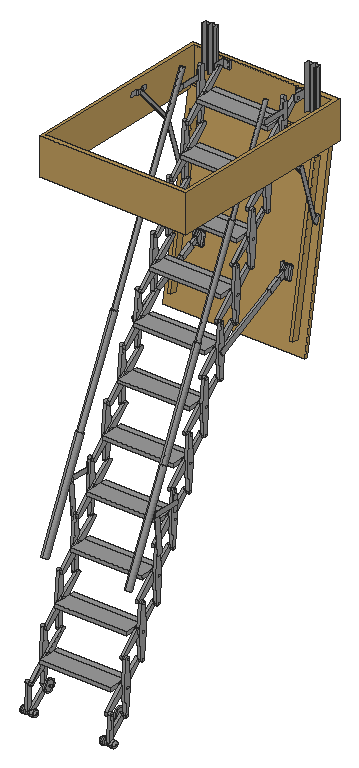
Revit family "schaartrap_XL 1000x1300mm ", category Generic Models, Revit 2019 (continued)
Automatic sketch dimensions
  Extrusion 67 sketch curve to Extrusion 67 sketch curve = 30.489 mm
  Extrusion 67 sketch curve to Extrusion 67 sketch curve = 2.615 mm
  Extrusion 67 sketch curve to Extrusion 67 sketch curve = 4.005 mm
  Extrusion 67 sketch curve to Extrusion 67 sketch curve = 25.984 mm
  Extrusion 20 sketch curve to Extrusion 20 sketch curve = 0 mm  (x4)
  Extrusion 20 sketch curve to Extrusion 20 sketch curve = 23.387 mm
  Extrusion 20 sketch curve to Extrusion 20 sketch curve = 2.299 mm  (x2)
  Extrusion 20 sketch curve to Extrusion 20 sketch curve = 12.526 mm  (x2)
  Extrusion 20 sketch curve to Extrusion 20 sketch curve = 453.769 mm
  Extrusion 20 sketch curve to Extrusion 20 sketch curve = 52.271 mm
  Extrusion 20 sketch curve to Extrusion 20 sketch curve = 15.592 mm  (x2)
  Extrusion 20 sketch curve to Extrusion 20 sketch curve = 5.25 mm  (x2)
  Extrusion 20 sketch curve to Extrusion 20 sketch curve = 25.648 mm
  Extrusion 20 sketch curve to Extrusion 20 sketch curve = 1.736 mm
  Extrusion 65 sketch curve to Extrusion 65 sketch curve = 10.419 mm
  Extrusion 65 sketch curve to Extrusion 65 sketch curve = 4.468 mm
  Extrusion 79 sketch curve to Extrusion 79 sketch curve = 4 mm  (x2)
  Extrusion 79 sketch curve to Extrusion 79 sketch curve = 45 mm
  Extrusion 79 sketch curve to Extrusion 79 sketch curve = 69.409 mm
  Extrusion 80 sketch curve to Extrusion 80 sketch curve = 0 mm  (x5)
  Extrusion 80 sketch curve to Extrusion 80 sketch curve = 28.75 mm
  Extrusion 80 sketch curve to Extrusion 80 sketch curve = 5 mm  (x2)
  Extrusion 82 sketch curve to Extrusion 82 sketch curve = 4 mm  (x2)
  Extrusion 82 sketch curve to Extrusion 82 sketch curve = 45 mm
  Extrusion 82 sketch curve to Extrusion 82 sketch curve = 69.409 mm
  Extrusion 83 sketch curve to Extrusion 83 sketch curve = 0 mm  (x5)
  Extrusion 83 sketch curve to Extrusion 83 sketch curve = 28.75 mm
  Extrusion 83 sketch curve to Extrusion 83 sketch curve = 5 mm  (x2)
  Sweep 85 sketch curve to plane 27 = 0 mm
  Sweep 85 sketch curve to Sweep 85 sketch curve = 257.672 mm
  Sweep 85 sketch curve to Sweep 85 sketch curve = 643.315 mm
  Sweep 85 sketch curve to profile plane = 0 mm  (x2)
  Sweep 86 sketch curve to plane 27 = 0.034 mm
  Sweep 86 sketch curve to Sweep 86 sketch curve = 251.036 mm
  Sweep 86 sketch curve to Sweep 86 sketch curve = 626.747 mm
  Sweep 86 sketch curve to profile plane = 0 mm  (x2)
  Sweep 87 sketch curve to plane 27 = 0.066 mm
  Sweep 87 sketch curve to Sweep 87 sketch curve = 251.872 mm
  Sweep 87 sketch curve to Sweep 87 sketch curve = 628.835 mm
  Sweep 87 sketch curve to profile plane = 0 mm  (x2)
  Sweep 88 sketch curve to plane 27 = 0.099 mm
  Sweep 88 sketch curve to Sweep 88 sketch curve = 247.575 mm
  Sweep 88 sketch curve to Sweep 88 sketch curve = 618.104 mm
  Sweep 88 sketch curve to profile plane = 0 mm  (x2)
  plane 27 to Extrusion 89 sketch curve = 34.579 mm
  Extrusion 89 sketch curve to Extrusion 89 sketch curve = 19.372 mm  (x2)
  Extrusion 89 sketch curve to Extrusion 89 sketch curve = 9.746 mm  (x2)
  Extrusion 89 sketch curve to Extrusion 89 sketch curve = 43.196 mm
  Extrusion 89 sketch curve to Extrusion 89 sketch curve = 15.803 mm  (x2)
  Extrusion 89 sketch curve to Extrusion 89 sketch curve = 213.535 mm
  plane 27 to Extrusion 90 sketch curve = 33.801 mm
  Extrusion 90 sketch curve to Extrusion 90 sketch curve = 3.617 mm  (x2)
  Extrusion 90 sketch curve to Extrusion 90 sketch curve = 23.983 mm  (x2)
  Extrusion 90 sketch curve to Extrusion 90 sketch curve = 123.59 mm
  Extrusion 90 sketch curve to Extrusion 90 sketch curve = 8.506 mm
  Extrusion 90 sketch curve to Extrusion 90 sketch curve = 11.758 mm  (x2)
  plane 27 to Extrusion 91 sketch curve = 157.647 mm
  Extrusion 91 sketch curve to Extrusion 91 sketch curve = 11.69 mm
  Extrusion 91 sketch curve to Extrusion 91 sketch curve = 18.023 mm
  Extrusion 91 sketch curve to Extrusion 91 sketch curve = 11.758 mm  (x2)
  Extrusion 91 sketch curve to Extrusion 91 sketch curve = 29.781 mm
  Extrusion 91 sketch curve to Extrusion 91 sketch curve = 23.983 mm  (x2)
  Extrusion 91 sketch curve to Extrusion 91 sketch curve = 44.672 mm
  plane 27 to Extrusion 92 sketch curve = 13.505 mm
  Extrusion 92 sketch curve to Extrusion 92 sketch curve = 11.155 mm
  Extrusion 92 sketch curve to Extrusion 92 sketch curve = 22.709 mm
  Extrusion 92 sketch curve to Extrusion 92 sketch curve = 13.423 mm
  Extrusion 92 sketch curve to Extrusion 92 sketch curve = 24.003 mm
  Extrusion 92 sketch curve to Extrusion 92 sketch curve = 14.472 mm
  plane 27 to Extrusion 94 sketch curve = 7.293 mm
  Extrusion 94 sketch curve to Extrusion 94 sketch curve = 11.155 mm
  Extrusion 94 sketch curve to Extrusion 94 sketch curve = 28.378 mm
  Extrusion 94 sketch curve to Extrusion 94 sketch curve = 13.423 mm
  Extrusion 94 sketch curve to Extrusion 94 sketch curve = 24.003 mm
  Extrusion 94 sketch curve to Extrusion 94 sketch curve = 16.743 mm
  plane 27 to Extrusion 105 sketch curve = 33.696 mm
  Extrusion 105 sketch curve to Extrusion 105 sketch curve = 3.617 mm  (x2)
  Extrusion 105 sketch curve to Extrusion 105 sketch curve = 11.758 mm
  Sweep 8 sketch curve to plane 21 = 0 mm
  Sweep 8 sketch curve to Sweep 8 sketch curve = 257.672 mm
  Sweep 8 sketch curve to Sweep 8 sketch curve = 643.315 mm
  Sweep 8 sketch curve to profile plane = 0 mm  (x2)
  Sweep 9 sketch curve to plane 21 = 0.034 mm
  Sweep 9 sketch curve to Sweep 9 sketch curve = 251.036 mm
  Sweep 9 sketch curve to Sweep 9 sketch curve = 626.747 mm
  Sweep 9 sketch curve to profile plane = 0 mm  (x2)
  Sweep 10 sketch curve to plane 21 = 0.066 mm
  Sweep 10 sketch curve to Sweep 10 sketch curve = 251.872 mm
  Sweep 10 sketch curve to Sweep 10 sketch curve = 628.835 mm
  Sweep 10 sketch curve to profile plane = 0 mm  (x2)
  Sweep 11 sketch curve to plane 21 = 0.099 mm
  Sweep 11 sketch curve to Sweep 11 sketch curve = 247.575 mm
  Sweep 11 sketch curve to Sweep 11 sketch curve = 618.104 mm
  Sweep 11 sketch curve to profile plane = 0 mm  (x2)
  plane 21 to Extrusion 12 sketch curve = 34.579 mm
  Extrusion 12 sketch curve to Extrusion 12 sketch curve = 19.372 mm  (x2)
  Extrusion 12 sketch curve to Extrusion 12 sketch curve = 9.746 mm  (x2)
  Extrusion 12 sketch curve to Extrusion 12 sketch curve = 43.196 mm
  Extrusion 12 sketch curve to Extrusion 12 sketch curve = 15.803 mm  (x2)
  Extrusion 12 sketch curve to Extrusion 12 sketch curve = 213.535 mm
  plane 21 to Extrusion 13 sketch curve = 33.801 mm
  Extrusion 13 sketch curve to Extrusion 13 sketch curve = 3.617 mm  (x2)
  Extrusion 13 sketch curve to Extrusion 13 sketch curve = 23.983 mm  (x2)
  Extrusion 13 sketch curve to Extrusion 13 sketch curve = 123.59 mm
  Extrusion 13 sketch curve to Extrusion 13 sketch curve = 8.506 mm
  Extrusion 13 sketch curve to Extrusion 13 sketch curve = 11.758 mm  (x2)
  plane 21 to Extrusion 14 sketch curve = 157.647 mm
  Extrusion 14 sketch curve to Extrusion 14 sketch curve = 11.69 mm
  Extrusion 14 sketch curve to Extrusion 14 sketch curve = 18.023 mm
  Extrusion 14 sketch curve to Extrusion 14 sketch curve = 11.758 mm  (x2)
  Extrusion 14 sketch curve to Extrusion 14 sketch curve = 29.781 mm
  Extrusion 14 sketch curve to Extrusion 14 sketch curve = 23.983 mm  (x2)
  Extrusion 14 sketch curve to Extrusion 14 sketch curve = 44.672 mm
  plane 21 to Extrusion 15 sketch curve = 13.505 mm
  Extrusion 15 sketch curve to Extrusion 15 sketch curve = 11.155 mm
  Extrusion 15 sketch curve to Extrusion 15 sketch curve = 22.709 mm
  Extrusion 15 sketch curve to Extrusion 15 sketch curve = 13.423 mm
  Extrusion 15 sketch curve to Extrusion 15 sketch curve = 24.003 mm
  Extrusion 15 sketch curve to Extrusion 15 sketch curve = 14.472 mm
  plane 21 to Extrusion 42 sketch curve = 7.293 mm
  Extrusion 42 sketch curve to Extrusion 42 sketch curve = 11.155 mm
  Extrusion 42 sketch curve to Extrusion 42 sketch curve = 28.378 mm
  Extrusion 42 sketch curve to Extrusion 42 sketch curve = 13.423 mm
  Extrusion 42 sketch curve to Extrusion 42 sketch curve = 24.003 mm
  Extrusion 42 sketch curve to Extrusion 42 sketch curve = 16.743 mm
  Sweep 95 sketch curve to plane 28 = 0 mm
  Sweep 95 sketch curve to Sweep 95 sketch curve = 332.795 mm
  Sweep 95 sketch curve to Sweep 95 sketch curve = 607.862 mm
  Sweep 95 sketch curve to profile plane = 0 mm  (x2)
  Sweep 96 sketch curve to plane 28 = 0.034 mm
  Sweep 96 sketch curve to Sweep 96 sketch curve = 324.224 mm
  Sweep 96 sketch curve to Sweep 96 sketch curve = 592.207 mm
  Sweep 96 sketch curve to profile plane = 0 mm  (x2)
  Sweep 97 sketch curve to plane 28 = 0.066 mm
  Sweep 97 sketch curve to Sweep 97 sketch curve = 325.304 mm
  Sweep 97 sketch curve to Sweep 97 sketch curve = 594.18 mm
  Sweep 97 sketch curve to profile plane = 0 mm  (x2)
  Sweep 98 sketch curve to plane 28 = 0.099 mm
  Sweep 98 sketch curve to Sweep 98 sketch curve = 319.753 mm
  Sweep 98 sketch curve to Sweep 98 sketch curve = 584.041 mm
  Sweep 98 sketch curve to profile plane = 0 mm  (x2)
  plane 28 to Extrusion 99 sketch curve = 34.579 mm
  Extrusion 99 sketch curve to Extrusion 99 sketch curve = 14.335 mm  (x2)
  Extrusion 99 sketch curve to Extrusion 99 sketch curve = 15.649 mm  (x2)
  Extrusion 99 sketch curve to Extrusion 99 sketch curve = 22.877 mm
  Extrusion 99 sketch curve to Extrusion 99 sketch curve = 20.482 mm  (x2)
  Extrusion 99 sketch curve to Extrusion 99 sketch curve = 219.881 mm
  plane 28 to Extrusion 100 sketch curve = 33.801 mm
  Extrusion 100 sketch curve to Extrusion 100 sketch curve = 4.632 mm  (x2)
  Extrusion 100 sketch curve to Extrusion 100 sketch curve = 27.985 mm  (x2)
  Extrusion 100 sketch curve to Extrusion 100 sketch curve = 123.005 mm
  Extrusion 100 sketch curve to Extrusion 100 sketch curve = 56.888 mm
  Extrusion 100 sketch curve to Extrusion 100 sketch curve = 18.832 mm  (x2)
  plane 28 to Extrusion 101 sketch curve = 157.647 mm
  Extrusion 101 sketch curve to Extrusion 101 sketch curve = 14.972 mm
  Extrusion 101 sketch curve to Extrusion 101 sketch curve = 10.808 mm
  Extrusion 101 sketch curve to Extrusion 101 sketch curve = 18.832 mm  (x2)
  Extrusion 101 sketch curve to Extrusion 101 sketch curve = 29.64 mm
  Extrusion 101 sketch curve to Extrusion 101 sketch curve = 27.985 mm  (x2)
  Extrusion 101 sketch curve to Extrusion 101 sketch curve = 44.46 mm
  plane 28 to Extrusion 102 sketch curve = 13.505 mm
  Extrusion 102 sketch curve to Extrusion 102 sketch curve = 14.407 mm
  Extrusion 102 sketch curve to Extrusion 102 sketch curve = 23.338 mm
  Extrusion 102 sketch curve to Extrusion 102 sketch curve = 10.803 mm
  Extrusion 102 sketch curve to Extrusion 102 sketch curve = 24.667 mm
  Extrusion 102 sketch curve to Extrusion 102 sketch curve = 18.692 mm
  plane 28 to Extrusion 104 sketch curve = 7.293 mm
  Extrusion 104 sketch curve to Extrusion 104 sketch curve = 14.407 mm
  Extrusion 104 sketch curve to Extrusion 104 sketch curve = 28.694 mm
  Extrusion 104 sketch curve to Extrusion 104 sketch curve = 10.803 mm
  Extrusion 104 sketch curve to Extrusion 104 sketch curve = 24.667 mm
  Extrusion 104 sketch curve to Extrusion 104 sketch curve = 21.624 mm
  Extrusion 103 sketch curve to Extrusion 103 sketch curve = 0 mm  (x4)
  plane 28 to Extrusion 103 sketch curve = 184.887 mm
  Extrusion 103 sketch curve to Extrusion 103 sketch curve = 14.972 mm
  Extrusion 103 sketch curve to Extrusion 103 sketch curve = 16.516 mm  (x2)
  Extrusion 103 sketch curve to Extrusion 103 sketch curve = 2.316 mm  (x2)
  Extrusion 103 sketch curve to Extrusion 103 sketch curve = 10.808 mm
  Extrusion 103 sketch curve to Extrusion 103 sketch curve = 13.124 mm
  Extrusion 103 sketch curve to Extrusion 103 sketch curve = 8.533 mm  (x2)
  Extrusion 103 sketch curve to Extrusion 103 sketch curve = 14.82 mm  (x2)
  Extrusion 103 sketch curve to Extrusion 103 sketch curve = 44.46 mm
  Extrusion 103 sketch curve to Extrusion 103 sketch curve = 5.002 mm  (x2)
  Extrusion 103 sketch curve to Extrusion 103 sketch curve = 4.975 mm  (x2)
  Extrusion 103 sketch curve to Extrusion 103 sketch curve = 0.694 mm
  Extrusion 103 sketch curve to Extrusion 103 sketch curve = 0.865 mm
  Extrusion 107 sketch curve to Extrusion 107 sketch curve = 0 mm  (x3)
  Extrusion 107 sketch curve to Extrusion 107 sketch curve = 4.632 mm  (x2)
  Extrusion 107 sketch curve to Extrusion 107 sketch curve = 123.005 mm
  Extrusion 107 sketch curve to Extrusion 107 sketch curve = 18.508 mm
  Extrusion 107 sketch curve to Extrusion 107 sketch curve = 4.845 mm
  Extrusion 107 sketch curve to Extrusion 107 sketch curve = 2.392 mm
  Extrusion 107 sketch curve to Extrusion 107 sketch curve = 10.808 mm  (x2)
  Extrusion 107 sketch curve to Extrusion 107 sketch curve = 15.353 mm
  Extrusion 107 sketch curve to Extrusion 107 sketch curve = 5.002 mm  (x2)
  Extrusion 107 sketch curve to Extrusion 107 sketch curve = 0.694 mm
  Extrusion 104 sketch curve to Extrusion 104 sketch curve = 0 mm  (x2)
  Extrusion 104 sketch curve to Extrusion 104 sketch curve = 12.093 mm
  Extrusion 104 sketch curve to Extrusion 104 sketch curve = 7.339 mm
  Extrusion 104 sketch curve to Extrusion 104 sketch curve = 5.041 mm  (x2)
  Extrusion 104 sketch curve to Extrusion 104 sketch curve = 0.303 mm
  Extrusion 41 sketch curve to Extrusion 41 sketch curve = 0 mm  (x4)
  plane 21 to Extrusion 41 sketch curve = 184.887 mm
  Extrusion 41 sketch curve to Extrusion 41 sketch curve = 11.69 mm
  Extrusion 41 sketch curve to Extrusion 41 sketch curve = 13.567 mm  (x2)
  Extrusion 41 sketch curve to Extrusion 41 sketch curve = 1.809 mm
  Extrusion 41 sketch curve to Extrusion 41 sketch curve = 18.023 mm
  Extrusion 41 sketch curve to Extrusion 41 sketch curve = 1.808 mm
  Extrusion 41 sketch curve to Extrusion 41 sketch curve = 16.214 mm
  Extrusion 41 sketch curve to Extrusion 41 sketch curve = 12.709 mm  (x2)
  Extrusion 41 sketch curve to Extrusion 41 sketch curve = 14.891 mm  (x2)
  Extrusion 41 sketch curve to Extrusion 41 sketch curve = 44.672 mm
  Extrusion 41 sketch curve to Extrusion 41 sketch curve = 5.002 mm  (x2)
  Extrusion 41 sketch curve to Extrusion 41 sketch curve = 5.023 mm  (x2)
  Extrusion 41 sketch curve to Extrusion 41 sketch curve = 0.694 mm
  Extrusion 41 sketch curve to Extrusion 41 sketch curve = 0.523 mm
  Extrusion 106 sketch curve to Extrusion 106 sketch curve = 0 mm  (x3)
  Extrusion 106 sketch curve to Extrusion 106 sketch curve = 3.617 mm
  Extrusion 106 sketch curve to Extrusion 106 sketch curve = 123.59 mm
  Extrusion 106 sketch curve to Extrusion 106 sketch curve = 18.756 mm
  Extrusion 106 sketch curve to Extrusion 106 sketch curve = 8.844 mm
  Extrusion 106 sketch curve to Extrusion 106 sketch curve = 51.056 mm
  Extrusion 106 sketch curve to Extrusion 106 sketch curve = 18.023 mm  (x2)
  Extrusion 106 sketch curve to Extrusion 106 sketch curve = 13.452 mm
  Extrusion 106 sketch curve to Extrusion 106 sketch curve = 5.002 mm  (x2)
  Extrusion 106 sketch curve to Extrusion 106 sketch curve = 0.694 mm
  Extrusion 42 sketch curve to Extrusion 42 sketch curve = 0 mm  (x2)
  Extrusion 42 sketch curve to Extrusion 42 sketch curve = 12.884 mm
  Extrusion 42 sketch curve to Extrusion 42 sketch curve = 5.84 mm
  Extrusion 42 sketch curve to Extrusion 42 sketch curve = 5.041 mm  (x2)
  Extrusion 42 sketch curve to Extrusion 42 sketch curve = 0.303 mm
  Extrusion 93 sketch curve to Extrusion 93 sketch curve = 0 mm  (x4)
  plane 27 to Extrusion 93 sketch curve = 184.887 mm
  Extrusion 93 sketch curve to Extrusion 93 sketch curve = 11.69 mm
  Extrusion 93 sketch curve to Extrusion 93 sketch curve = 13.567 mm  (x2)
  Extrusion 93 sketch curve to Extrusion 93 sketch curve = 1.809 mm
  Extrusion 93 sketch curve to Extrusion 93 sketch curve = 18.023 mm
  Extrusion 93 sketch curve to Extrusion 93 sketch curve = 1.808 mm
  Extrusion 93 sketch curve to Extrusion 93 sketch curve = 16.214 mm
  Extrusion 93 sketch curve to Extrusion 93 sketch curve = 12.709 mm  (x2)
  Extrusion 93 sketch curve to Extrusion 93 sketch curve = 14.891 mm  (x2)
  Extrusion 93 sketch curve to Extrusion 93 sketch curve = 44.672 mm
  Extrusion 93 sketch curve to Extrusion 93 sketch curve = 5.002 mm  (x2)
  Extrusion 93 sketch curve to Extrusion 93 sketch curve = 5.023 mm  (x2)
  Extrusion 93 sketch curve to Extrusion 93 sketch curve = 0.694 mm
  Extrusion 93 sketch curve to Extrusion 93 sketch curve = 0.523 mm
  Extrusion 105 sketch curve to Extrusion 105 sketch curve = 0 mm  (x3)
  Extrusion 105 sketch curve to Extrusion 105 sketch curve = 123.59 mm
  Extrusion 105 sketch curve to Extrusion 105 sketch curve = 18.756 mm
  Extrusion 105 sketch curve to Extrusion 105 sketch curve = 8.844 mm
  Extrusion 105 sketch curve to Extrusion 105 sketch curve = 51.056 mm
  Extrusion 105 sketch curve to Extrusion 105 sketch curve = 18.023 mm  (x2)
  Extrusion 105 sketch curve to Extrusion 105 sketch curve = 13.452 mm
  Extrusion 105 sketch curve to Extrusion 105 sketch curve = 5.002 mm  (x2)
  Extrusion 105 sketch curve to Extrusion 105 sketch curve = 0.694 mm
  Extrusion 94 sketch curve to Extrusion 94 sketch curve = 0 mm  (x2)
  Extrusion 94 sketch curve to Extrusion 94 sketch curve = 12.884 mm
  Extrusion 94 sketch curve to Extrusion 94 sketch curve = 5.84 mm
  Extrusion 94 sketch curve to Extrusion 94 sketch curve = 5.041 mm  (x2)
  Extrusion 94 sketch curve to Extrusion 94 sketch curve = 0.303 mm
  Extrusion 108 sketch curve to Extrusion 108 sketch curve = 181.185 mm  (x2)
  Extrusion 108 sketch curve to Extrusion 108 sketch curve = 44.316 mm  (x4)
  Extrusion 108 sketch curve to Extrusion 108 sketch curve = 1027.55 mm  (x2)
  Extrusion 108 sketch curve to Extrusion 108 sketch curve = 7.814 mm  (x5)
  Extrusion 110 sketch curve to Extrusion 110 sketch curve = 44.316 mm  (x4)
  Extrusion 110 sketch curve to Extrusion 110 sketch curve = 181.185 mm  (x2)
  Extrusion 110 sketch curve to Extrusion 110 sketch curve = 7.814 mm  (x5)
  Extrusion 110 sketch curve to Extrusion 110 sketch curve = 1027.55 mm  (x2)
  Extrusion 109 sketch curve to Extrusion 109 sketch curve = 7.814 mm  (x4)
  Extrusion 39 sketch curve to Extrusion 39 sketch curve = 2.905 mm  (x17)
  Extrusion 39 sketch curve to Extrusion 39 sketch curve = 126.459 mm  (x10)
  Extrusion 39 sketch curve to Extrusion 39 sketch curve = 129.363 mm  (x2)
  Extrusion 39 sketch curve to Extrusion 39 sketch curve = 132.268 mm
  Extrusion 39 sketch curve to Extrusion 39 sketch curve = 59.63 mm
  Extrusion 39 sketch curve to Extrusion 39 sketch curve = 169.925 mm
  Extrusion 39 sketch curve to Extrusion 39 sketch curve = 110.296 mm  (x9)
  Extrusion 39 sketch curve to Extrusion 39 sketch curve = 59.68 mm  (x9)
  Extrusion 39 sketch curve to Extrusion 39 sketch curve = 169.975 mm  (x9)
  Extrusion 39 sketch curve to Extrusion 39 sketch curve = 280.271 mm
  Extrusion 40 sketch curve to Extrusion 40 sketch curve = 2.905 mm  (x17)
  Extrusion 40 sketch curve to Extrusion 40 sketch curve = 126.459 mm  (x10)
  Extrusion 40 sketch curve to Extrusion 40 sketch curve = 129.363 mm  (x2)
  Extrusion 40 sketch curve to Extrusion 40 sketch curve = 132.268 mm
  Extrusion 40 sketch curve to Extrusion 40 sketch curve = 59.63 mm
  Extrusion 40 sketch curve to Extrusion 40 sketch curve = 169.925 mm
  Extrusion 40 sketch curve to Extrusion 40 sketch curve = 110.296 mm  (x9)
  Extrusion 40 sketch curve to Extrusion 40 sketch curve = 59.68 mm  (x9)
  Extrusion 40 sketch curve to Extrusion 40 sketch curve = 169.975 mm  (x9)
  Extrusion 40 sketch curve to Extrusion 40 sketch curve = 280.271 mm
  Extrusion 59 sketch curve to Extrusion 59 sketch curve = 2.905 mm  (x17)
  Extrusion 59 sketch curve to Extrusion 59 sketch curve = 126.459 mm  (x10)
  Extrusion 59 sketch curve to Extrusion 59 sketch curve = 129.363 mm  (x2)
  Extrusion 59 sketch curve to Extrusion 59 sketch curve = 132.268 mm
  Extrusion 59 sketch curve to Extrusion 59 sketch curve = 59.63 mm
  Extrusion 59 sketch curve to Extrusion 59 sketch curve = 169.925 mm
  Extrusion 59 sketch curve to Extrusion 59 sketch curve = 110.296 mm  (x9)
  Extrusion 59 sketch curve to Extrusion 59 sketch curve = 59.68 mm  (x9)
  Extrusion 59 sketch curve to Extrusion 59 sketch curve = 169.975 mm  (x9)
  Extrusion 59 sketch curve to Extrusion 59 sketch curve = 280.271 mm
  Extrusion 72 sketch curve to Extrusion 72 sketch curve = 217.143 mm
  Extrusion 72 sketch curve to Extrusion 72 sketch curve = 10.857 mm
  Extrusion 72 sketch curve to Extrusion 72 sketch curve = 253.538 mm
  Extrusion 109 sketch curve to Extrusion 109 sketch curve = 44.316 mm  (x2)
  Extrusion 109 sketch curve to Extrusion 109 sketch curve = 181.185 mm
  Extrusion 109 sketch curve to Extrusion 109 sketch curve = 1027.55 mm
  Extrusion 69 sketch curve to Extrusion 69 sketch curve = 1.639 mm
  Extrusion 69 sketch curve to Extrusion 69 sketch curve = 25.398 mm
  Extrusion 3 sketch curve to Extrusion 3 sketch curve = 0.44 mm  (x22)
  Extrusion 3 sketch curve to plane 17 = 13.586 mm
  Extrusion 3 sketch curve to plane 29 = 127.188 mm
  Extrusion 3 sketch curve to plane 17 = 37.582 mm
  Extrusion 3 sketch curve to Extrusion 3 sketch curve = 156.974 mm  (x7)
  Extrusion 3 sketch curve to Extrusion 3 sketch curve = 132.268 mm  (x4)
  plane 30 to Extrusion 3 sketch curve = 237.376 mm
  plane 30 to Extrusion 3 sketch curve = 105.108 mm
  plane 30 to Extrusion 3 sketch curve = 80.402 mm
  Extrusion 3 sketch curve to plane 30 = 27.16 mm
  Extrusion 3 sketch curve to plane 30 = 51.865 mm
  Extrusion 3 sketch curve to plane 30 = 159.428 mm
  Extrusion 3 sketch curve to plane 1 "Center (Front/Back)" = 73.91 mm
  Extrusion 3 sketch curve to plane 17 = 16.465 mm
  Extrusion 3 sketch curve to Extrusion 3 sketch curve = 23.996 mm  (x21)
  Extrusion 3 sketch curve to plane 10 = 158.856 mm
  Extrusion 3 sketch curve to Extrusion 3 sketch curve = 2.88 mm  (x10)
  Extrusion 3 sketch curve to Extrusion 3 sketch curve = 253.395 mm  (x9)
  Extrusion 3 sketch curve to Extrusion 3 sketch curve = 56.253 mm  (x10)
  Extrusion 3 sketch curve to Extrusion 3 sketch curve = 0 mm  (x43)
  Extrusion 3 sketch curve to plane 17 = 14.258 mm  (x2)
  Extrusion 3 sketch curve to Extrusion 3 sketch curve = 36.633 mm  (x11)
  plane 30 to Extrusion 3 sketch curve = 4.387 mm
  Extrusion 3 sketch curve to plane 17 = 39.429 mm
  Extrusion 3 sketch curve to Extrusion 3 sketch curve = 0.672 mm  (x10)
  Extrusion 3 sketch curve to Extrusion 3 sketch curve = 1.032 mm  (x10)
  Extrusion 6 sketch curve to Extrusion 6 sketch curve = 19.696 mm
  plane 10 to Extrusion 6 sketch curve = 24.334 mm
  Extrusion 6 sketch curve to plane 29 = 55.42 mm
  Extrusion 6 sketch curve to Extrusion 6 sketch curve = 3.473 mm
  Sweep 7 sketch curve to plane 30 = 0 mm
  Sweep 7 sketch curve to plane 29 = 0 mm
  Sweep 7 sketch curve to profile plane = 0 mm  (x2)
  Sweep 7 sketch curve to Sweep 7 sketch curve = 24 mm
  Sweep 7 sketch curve to profile plane = 250.003 mm
  plane 18 to Extrusion 26 sketch curve = 12.677 mm
  Extrusion 26 sketch curve to plane 10 = 87.402 mm
  Extrusion 26 sketch curve to Extrusion 26 sketch curve = 3.25 mm
  Extrusion 26 sketch curve to Extrusion 26 sketch curve = 4 mm
  plane 17 to Extrusion 31 sketch curve = 2.271 mm
  Extrusion 31 sketch curve to plane 29 = 61.998 mm
  Extrusion 31 sketch curve to Extrusion 31 sketch curve = 5 mm
  Extrusion 31 sketch curve to Extrusion 31 sketch curve = 13.998 mm
  plane 18 to Extrusion 31 sketch curve = 18.273 mm
  Extrusion 31 sketch curve to plane 29 = 41.542 mm
  Extrusion 31 sketch curve to Extrusion 31 sketch curve = 0 mm  (x12)
  Extrusion 31 sketch curve to Extrusion 31 sketch curve = 6.458 mm
  Extrusion 31 sketch curve to plane 20 = 3.273 mm
  Extrusion 31 sketch curve to plane 22 "bk. omtimmering" = 6.73 mm
  Extrusion 31 sketch curve to plane 18 = 1.727 mm
  plane 22 "bk. omtimmering" to Extrusion 31 sketch curve = 13.27 mm
  Extrusion 31 sketch curve to Extrusion 31 sketch curve = 20 mm  (x7)
  plane 20 to Extrusion 31 sketch curve = 16.727 mm
  Extrusion 31 sketch curve to plane 19 = 6.727 mm
  Extrusion 31 sketch curve to Extrusion 31 sketch curve = 6.002 mm
  Extrusion 32 sketch curve to Extrusion 32 sketch curve = 0 mm  (x4)
  plane 11 to Extrusion 32 sketch curve = 43.5 mm
  Extrusion 32 sketch curve to Extrusion 32 sketch curve = 2 mm
  Extrusion 32 sketch curve to Extrusion 32 sketch curve = 1.001 mm
  plane 11 to Extrusion 32 sketch curve = 6.5 mm
  plane 11 to Extrusion 32 sketch curve = 5.5 mm
  Extrusion 32 sketch curve to plane 29 = 26 mm
  Extrusion 32 sketch curve to Extrusion 32 sketch curve = 27 mm
  Extrusion 32 sketch curve to Extrusion 32 sketch curve = 26.999 mm
  plane 17 to Extrusion 43 sketch curve = 2.271 mm
  Extrusion 43 sketch curve to plane 29 = 61.998 mm
  Extrusion 43 sketch curve to Extrusion 43 sketch curve = 5 mm
  Extrusion 43 sketch curve to Extrusion 43 sketch curve = 13.998 mm
  plane 18 to Extrusion 43 sketch curve = 18.273 mm
  Extrusion 43 sketch curve to plane 29 = 41.542 mm
  Extrusion 43 sketch curve to Extrusion 43 sketch curve = 0 mm  (x12)
  Extrusion 43 sketch curve to Extrusion 43 sketch curve = 6.458 mm
  Extrusion 43 sketch curve to plane 20 = 3.273 mm
  Extrusion 43 sketch curve to plane 22 "bk. omtimmering" = 6.73 mm
  Extrusion 43 sketch curve to plane 18 = 1.727 mm
  Extrusion 43 sketch curve to Extrusion 43 sketch curve = 6.002 mm
  Extrusion 43 sketch curve to plane 19 = 6.727 mm
  plane 20 to Extrusion 43 sketch curve = 16.727 mm
  plane 22 "bk. omtimmering" to Extrusion 43 sketch curve = 13.27 mm
  Extrusion 43 sketch curve to Extrusion 43 sketch curve = 20 mm  (x7)
  Extrusion 44 sketch curve to Extrusion 44 sketch curve = 0 mm  (x6)
  Extrusion 44 sketch curve to plane 12 = 43.5 mm
  Extrusion 44 sketch curve to Extrusion 44 sketch curve = 2 mm
  Extrusion 44 sketch curve to Extrusion 44 sketch curve = 1.001 mm
  Extrusion 44 sketch curve to plane 12 = 6.5 mm
  Extrusion 44 sketch curve to plane 12 = 5.5 mm
  Extrusion 44 sketch curve to plane 29 = 56 mm
  Extrusion 44 sketch curve to Extrusion 44 sketch curve = 26.999 mm
  Extrusion 51 sketch curve to plane 1 "Center (Front/Back)" = 20 mm
  level to Extrusion 51 sketch curve = 20 mm
  Sweep 52 sketch curve to Sweep 52 sketch curve = 0 mm  (x2)
  Sweep 52 sketch curve to plane 1 "Center (Front/Back)" = 0 mm
  Sweep 52 sketch curve to Sweep 52 sketch curve = 20 mm
  level to Sweep 52 sketch curve = 20 mm
  profile plane to Sweep 52 sketch curve = 0 mm
  Sweep 52 sketch curve to profile plane = 0 mm
  Sweep 52 sketch curve to Sweep 52 sketch curve = 7.976 mm
  Sweep 52 sketch curve to Sweep 52 sketch curve = 2.281 mm
  Extrusion 53 sketch curve to plane 1 "Center (Front/Back)" = 20 mm
  level to Extrusion 53 sketch curve = 20 mm
  Sweep 54 sketch curve to Sweep 54 sketch curve = 0 mm  (x2)
  Sweep 54 sketch curve to plane 1 "Center (Front/Back)" = 0 mm
  Sweep 54 sketch curve to Sweep 54 sketch curve = 20 mm
  level to Sweep 54 sketch curve = 20 mm
  Sweep 54 sketch curve to profile plane = 0 mm  (x2)
  Sweep 54 sketch curve to Sweep 54 sketch curve = 7.976 mm
  Sweep 54 sketch curve to Sweep 54 sketch curve = 2.281 mm
  plane 17 to Extrusion 75 sketch curve = 2.271 mm
  Extrusion 75 sketch curve to plane 29 = 61.998 mm
  Extrusion 75 sketch curve to Extrusion 75 sketch curve = 5 mm
  Extrusion 75 sketch curve to Extrusion 75 sketch curve = 13.998 mm
  plane 18 to Extrusion 75 sketch curve = 18.273 mm
  Extrusion 75 sketch curve to plane 29 = 41.542 mm
  Extrusion 75 sketch curve to Extrusion 75 sketch curve = 0 mm  (x12)
  Extrusion 75 sketch curve to Extrusion 75 sketch curve = 6.458 mm
  Extrusion 75 sketch curve to plane 20 = 3.273 mm
  Extrusion 75 sketch curve to plane 22 "bk. omtimmering" = 6.73 mm
  Extrusion 75 sketch curve to plane 18 = 1.727 mm
  plane 22 "bk. omtimmering" to Extrusion 75 sketch curve = 13.27 mm
  Extrusion 75 sketch curve to Extrusion 75 sketch curve = 20 mm  (x7)
  plane 20 to Extrusion 75 sketch curve = 16.727 mm
  Extrusion 75 sketch curve to plane 19 = 6.727 mm
  Extrusion 75 sketch curve to Extrusion 75 sketch curve = 6.002 mm
  Extrusion 76 sketch curve to Extrusion 76 sketch curve = 0 mm  (x4)
  Extrusion 76 sketch curve to plane 15 = 11.5 mm
  Extrusion 76 sketch curve to Extrusion 76 sketch curve = 2 mm
  Extrusion 76 sketch curve to Extrusion 76 sketch curve = 1.001 mm
  Extrusion 76 sketch curve to plane 12 = 0.5 mm
  Extrusion 76 sketch curve to plane 12 = 1.5 mm
  Extrusion 76 sketch curve to plane 29 = 26 mm
  Extrusion 76 sketch curve to Extrusion 76 sketch curve = 27 mm
  Extrusion 76 sketch curve to Extrusion 76 sketch curve = 26.999 mm
  plane 17 to Extrusion 77 sketch curve = 2.271 mm
  Extrusion 77 sketch curve to plane 29 = 61.998 mm
  Extrusion 77 sketch curve to Extrusion 77 sketch curve = 5 mm
  Extrusion 77 sketch curve to Extrusion 77 sketch curve = 13.998 mm
  plane 18 to Extrusion 77 sketch curve = 18.273 mm
  Extrusion 77 sketch curve to plane 29 = 41.542 mm
  Extrusion 77 sketch curve to Extrusion 77 sketch curve = 0 mm  (x12)
  Extrusion 77 sketch curve to Extrusion 77 sketch curve = 6.458 mm
  Extrusion 77 sketch curve to plane 20 = 3.273 mm
  Extrusion 77 sketch curve to plane 22 "bk. omtimmering" = 6.73 mm
  Extrusion 77 sketch curve to plane 18 = 1.727 mm
  Extrusion 77 sketch curve to Extrusion 77 sketch curve = 6.002 mm
  Extrusion 77 sketch curve to plane 19 = 6.727 mm
  plane 20 to Extrusion 77 sketch curve = 16.727 mm
  plane 22 "bk. omtimmering" to Extrusion 77 sketch curve = 13.27 mm
  Extrusion 77 sketch curve to Extrusion 77 sketch curve = 20 mm  (x7)
  Extrusion 78 sketch curve to Extrusion 78 sketch curve = 0 mm  (x5)
  Extrusion 78 sketch curve to plane 14 = 11.5 mm
  Extrusion 78 sketch curve to Extrusion 78 sketch curve = 2 mm
  Extrusion 78 sketch curve to Extrusion 78 sketch curve = 1.001 mm
  plane 11 to Extrusion 78 sketch curve = 0.5 mm  (x2)
  plane 11 to Extrusion 78 sketch curve = 1.5 mm
  Extrusion 78 sketch curve to plane 29 = 56 mm
  Extrusion 78 sketch curve to Extrusion 78 sketch curve = 26.999 mm
  Extrusion 81 sketch curve to Extrusion 81 sketch curve = 0 mm  (x2)
  plane 20 to Extrusion 81 sketch curve = 6.701 mm
  Extrusion 81 sketch curve to plane 29 = 75.381 mm
  Extrusion 81 sketch curve to Extrusion 81 sketch curve = 5.05 mm
  Extrusion 84 sketch curve to Extrusion 84 sketch curve = 0 mm  (x2)
  plane 20 to Extrusion 84 sketch curve = 6.701 mm
  Extrusion 84 sketch curve to plane 29 = 75.381 mm
  Extrusion 84 sketch curve to Extrusion 84 sketch curve = 5.05 mm
  Extrusion 111 sketch curve to plane 1 "Center (Front/Back)" = 20 mm
  level to Extrusion 111 sketch curve = 20 mm
  Sweep 112 sketch curve to Sweep 112 sketch curve = 0 mm  (x2)
  Sweep 112 sketch curve to plane 1 "Center (Front/Back)" = 0 mm
  Sweep 112 sketch curve to Sweep 112 sketch curve = 20 mm
  level to Sweep 112 sketch curve = 20 mm
  Sweep 112 sketch curve to profile plane = 0 mm  (x2)
  Sweep 112 sketch curve to profile plane = 7.976 mm
  Sweep 112 sketch curve to Sweep 112 sketch curve = 2.281 mm
  Extrusion 113 sketch curve to plane 1 "Center (Front/Back)" = 20 mm
  level to Extrusion 113 sketch curve = 20 mm
  Sweep 114 sketch curve to Sweep 114 sketch curve = 0 mm  (x2)
  Sweep 114 sketch curve to plane 1 "Center (Front/Back)" = 0 mm
  Sweep 114 sketch curve to Sweep 114 sketch curve = 20 mm
  level to Sweep 114 sketch curve = 20 mm
  profile plane to Sweep 114 sketch curve = 0 mm
  Sweep 114 sketch curve to profile plane = 0 mm
  profile plane to Sweep 114 sketch curve = 7.976 mm
  Sweep 114 sketch curve to Sweep 114 sketch curve = 2.281 mm
  plane 28 to Extrusion 107 sketch curve = 33.696 mm
  Extrusion 107 sketch curve to Extrusion 107 sketch curve = 18.832 mm
  Extrusion 115 sketch curve to Extrusion 115 sketch curve = 0 mm  (x44)
  Extrusion 115 sketch curve to Extrusion 115 sketch curve = 132.268 mm  (x16)
  Extrusion 115 sketch curve to Extrusion 115 sketch curve = 132.251 mm  (x2)
  Extrusion 115 sketch curve to Extrusion 115 sketch curve = 132.285 mm  (x2)
  Extrusion 115 sketch curve to Extrusion 115 sketch curve = 280.271 mm  (x16)
  Extrusion 115 sketch curve to Extrusion 115 sketch curve = 280.471 mm  (x2)
  Extrusion 115 sketch curve to Extrusion 115 sketch curve = 280.071 mm  (x2)
  Extrusion 115 sketch curve to Extrusion 115 sketch curve = 5.05 mm  (x22)
  Extrusion 117 sketch curve to Extrusion 117 sketch curve = 0 mm  (x22)
  Extrusion 117 sketch curve to Extrusion 117 sketch curve = 132.268 mm  (x8)
  Extrusion 117 sketch curve to Extrusion 117 sketch curve = 132.285 mm
  Extrusion 117 sketch curve to Extrusion 117 sketch curve = 132.251 mm
  Extrusion 117 sketch curve to Extrusion 117 sketch curve = 280.271 mm  (x8)
  Extrusion 117 sketch curve to Extrusion 117 sketch curve = 280.471 mm
  Extrusion 117 sketch curve to Extrusion 117 sketch curve = 280.071 mm
  Extrusion 117 sketch curve to Extrusion 117 sketch curve = 5.05 mm  (x11)
  Extrusion 3 sketch curve to plane 29 = 259.016 mm
  Extrusion 3 sketch curve to Extrusion 3 sketch curve = 119.9 mm
  Extrusion 3 sketch curve to Extrusion 3 sketch curve = 24.706 mm
  Extrusion 6 sketch curve to plane 29 = 252.089 mm
  Extrusion 26 sketch curve to Extrusion 26 sketch curve = 0 mm  (x2)
  Extrusion 26 sketch curve to plane 29 = 489.565 mm
  Extrusion 26 sketch curve to plane 29 = 262.148 mm
  plane 20 to Extrusion 61 sketch curve = 26.684 mm
  Extrusion 61 sketch curve to plane 29 = 539.239 mm
  Extrusion 63 sketch curve to plane 18 = 1.684 mm
  Extrusion 63 sketch curve to plane 29 = 440.739 mm
  plane 18 to Extrusion 72 sketch curve = 4.745 mm
  Extrusion 72 sketch curve to plane 27 = 59.945 mm
  Extrusion 73 sketch curve to plane 10 = 84.041 mm
  Extrusion 73 sketch curve to plane 29 = 251.857 mm
  Extrusion 29 sketch curve to Extrusion 29 sketch curve = 0 mm  (x2)
  plane 20 to Extrusion 29 sketch curve = 6.701 mm
  Extrusion 29 sketch curve to plane 29 = 75.381 mm
  plane 18 to Extrusion 30 sketch curve = 25 mm
  Extrusion 30 sketch curve to plane 29 = 103.409 mm
  Extrusion 79 sketch curve to plane 8 = 0 mm
  Extrusion 79 sketch curve to plane 29 = 97.409 mm
  plane 5 to Extrusion 80 sketch curve = 15.736 mm
  plane 20 to Extrusion 80 sketch curve = 19.751 mm
  Extrusion 82 sketch curve to plane 6 = 0 mm
  Extrusion 82 sketch curve to plane 29 = 24 mm
  Extrusion 83 sketch curve to plane 4 = 15.736 mm
  Extrusion 83 sketch curve to plane 20 = 8.999 mm
  Extrusion 24 sketch curve to Extrusion 6 = 392.021 mm
  Extrusion 24 sketch curve to Extrusion 24 sketch curve = 10 mm  (x3)
  Extrusion 24 sketch curve to Extrusion 24 sketch curve = 73.838 mm
  Extrusion 24 sketch curve to Extrusion 24 sketch curve = 0 mm
  Extrusion 6 to Extrusion 24 sketch curve = 216.5 mm
  Extrusion 24 sketch curve to Extrusion 24 sketch curve = 51 mm
  Extrusion 60 sketch curve to plane 26 = 5.5 mm  (x2)
  Extrusion 60 sketch curve to Extrusion 60 sketch curve = 3 mm  (x3)
  Extrusion 60 sketch curve to Extrusion 60 sketch curve = 13 mm
  Extrusion 60 sketch curve to plane 29 = 539.239 mm
  Extrusion 60 sketch curve to Extrusion 60 sketch curve = 22.101 mm  (x2)
  Extrusion 60 sketch curve to Extrusion 60 sketch curve = 1.562 mm  (x4)
  Extrusion 60 sketch curve to Extrusion 60 sketch curve = 11.203 mm  (x2)
  Extrusion 60 sketch curve to Extrusion 60 sketch curve = 28.769 mm
  Extrusion 62 sketch curve to plane 25 = 5.5 mm  (x2)
  Extrusion 62 sketch curve to Extrusion 62 sketch curve = 3 mm  (x3)
  Extrusion 62 sketch curve to Extrusion 62 sketch curve = 13 mm
  Extrusion 62 sketch curve to plane 29 = 440.739 mm
  Extrusion 62 sketch curve to Extrusion 62 sketch curve = 22.101 mm  (x2)
  Extrusion 62 sketch curve to Extrusion 62 sketch curve = 1.562 mm  (x4)
  Extrusion 62 sketch curve to Extrusion 62 sketch curve = 11.203 mm  (x2)
  Extrusion 62 sketch curve to Extrusion 62 sketch curve = 28.769 mm
  Extrusion 70 sketch curve to plane 26 = 54 mm
  Extrusion 70 sketch curve to Extrusion 70 sketch curve = 59.997 mm
  Extrusion 70 sketch curve to plane 26 = 20.5 mm
  Extrusion 71 sketch curve to plane 25 = 54 mm
  Extrusion 71 sketch curve to Extrusion 71 sketch curve = 59.997 mm
  Extrusion 71 sketch curve to plane 25 = 20.5 mm
  Extrusion 74 sketch curve to Extrusion 6 = 392.021 mm
  Extrusion 74 sketch curve to Extrusion 74 sketch curve = 10 mm  (x3)
  Extrusion 74 sketch curve to Extrusion 74 sketch curve = 73.838 mm
  Extrusion 74 sketch curve to Extrusion 74 sketch curve = 0 mm
  Extrusion 6 to Extrusion 74 sketch curve = 145.5 mm
  Extrusion 74 sketch curve to Extrusion 74 sketch curve = 51 mm
  curve 1 to plane 24 = 0 mm
  curve 5 to plane 29 = 0 mm
  curve 13 to plane 3 "Center (Left/Right)" = 0 mm
  curve 6 to plane 29 = 0 mm
  curve 2 to plane 23 = 0 mm
  curve 4 to plane 30 = 0 mm
  curve 10 to plane 29 = 0 mm
  curve 12 to plane 3 "Center (Left/Right)" = 25.981 mm
  plane 3 "Center (Left/Right)" to curve 10 = 25.981 mm
  curve 10 to plane 29 = 45 mm
  curve 12 to curve 11 = 0 mm
  plane 5 to curve 16 = 6.5 mm
  plane 5 to curve 14 = 6.5 mm
  plane 5 to curve 17 = 6.5 mm
  plane 5 to curve 15 = 6.5 mm
  plane 5 to curve 5 = 6.5 mm
  plane 5 to curve 7 = 6.5 mm
  plane 5 to curve 9 = 6.5 mm
  curve 17 to plane 4 = 6.5 mm
  curve 7 to plane 4 = 6.5 mm
  curve 6 to plane 4 = 6.5 mm
  curve 16 to plane 4 = 6.5 mm
  curve 14 to plane 4 = 6.5 mm
  curve 9 to plane 4 = 6.5 mm
  curve 15 to plane 4 = 6.5 mm
  plane 30 to curve 8 = 100.311 mm
  plane 30 to curve 5 = 237.376 mm
  plane 30 to curve 6 = 237.376 mm
  curve 5 to curve 17 = 107.122 mm
  curve 17 to curve 16 = 132.268 mm
  curve 16 to curve 15 = 132.268 mm
  curve 15 to curve 14 = 132.268 mm
  curve 14 to curve 9 = 132.268 mm
  curve 9 to curve 7 = 132.268 mm
  curve 18 to plane 3 "Center (Left/Right)" = 0 mm
  curve 22 to plane 3 "Center (Left/Right)" = 0 mm
  plane 3 "Center (Left/Right)" to curve 19 = 34.056 mm
  curve 20 to curve 22 = 117.973 mm
  curve 22 to plane 3 "Center (Left/Right)" = 34.056 mm
  curve 18 to curve 20 = 0 mm
  curve 18 to curve 20 = 3650.24 mm
  Extrusion 116 sketch curve to Extrusion 116 sketch curve = 0 mm  (x22)
  Extrusion 116 sketch curve to Extrusion 116 sketch curve = 132.268 mm  (x8)
  Extrusion 116 sketch curve to Extrusion 116 sketch curve = 132.285 mm
  Extrusion 116 sketch curve to Extrusion 116 sketch curve = 132.251 mm
  Extrusion 116 sketch curve to Extrusion 116 sketch curve = 280.271 mm  (x8)
  Extrusion 116 sketch curve to Extrusion 116 sketch curve = 280.471 mm
  Extrusion 116 sketch curve to Extrusion 116 sketch curve = 280.071 mm
  Extrusion 116 sketch curve to Extrusion 116 sketch curve = 5.05 mm  (x11)
  radius of Extrusion 27 sketch curve = 21 mm  (x11)
  radius of Extrusion 28 sketch curve = 21 mm  (x11)
  radius of Extrusion 55 sketch curve = 21 mm  (x11)
  radius of Extrusion 65 sketch curve = 4 mm  (x2)
  radius of Extrusion 69 sketch curve = 4 mm  (x3)
  radius of Extrusion 47 sketch curve = 5.25 mm  (x2)
  radius of Extrusion 16 sketch curve = 5.25 mm  (x2)
  radius of Extrusion 67 sketch curve = 4 mm
  radius of Extrusion 20 sketch curve = 5.25 mm  (x2)
  radius of Sweep 85 sketch curve = 20 mm
  radius of Sweep 86 sketch curve = 17.5 mm
  radius of Sweep 87 sketch curve = 15 mm
  radius of Sweep 88 sketch curve = 12.5 mm
  radius of Sweep 8 sketch curve = 20 mm
  radius of Sweep 9 sketch curve = 17.5 mm
  radius of Sweep 10 sketch curve = 15 mm
  radius of Sweep 11 sketch curve = 12.5 mm
  radius of Sweep 95 sketch curve = 20 mm
  radius of Sweep 96 sketch curve = 17.5 mm
  radius of Sweep 97 sketch curve = 15 mm
  radius of Sweep 98 sketch curve = 12.5 mm
  radius of Extrusion 39 sketch curve = 5.05 mm  (x31)
  radius of Extrusion 40 sketch curve = 5.05 mm  (x31)
  radius of Extrusion 59 sketch curve = 5.05 mm  (x31)
  radius of Extrusion 31 sketch curve = 5.25 mm  (x14)
  radius of Extrusion 43 sketch curve = 5.25 mm  (x14)
  radius of Extrusion 51 sketch curve = 20 mm
  radius of Extrusion 53 sketch curve = 20 mm
  radius of Extrusion 75 sketch curve = 5.25 mm  (x14)
  radius of Extrusion 77 sketch curve = 5.25 mm  (x14)
  radius of Extrusion 111 sketch curve = 20 mm
  radius of Extrusion 113 sketch curve = 20 mm
